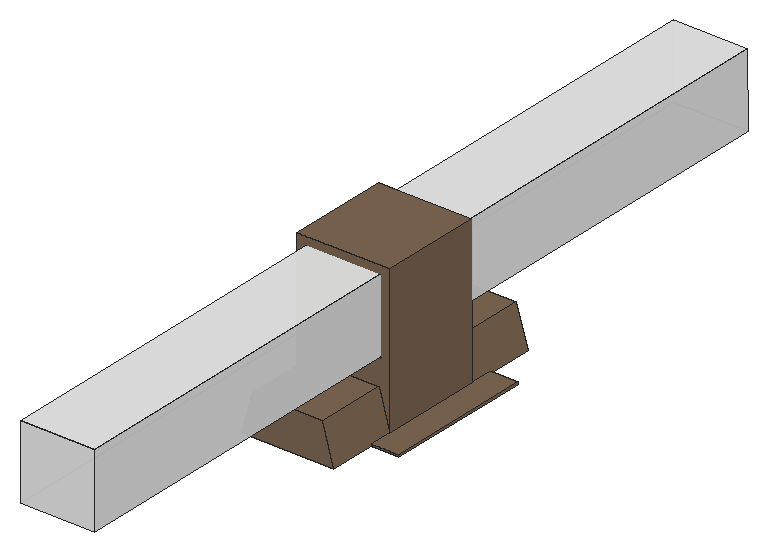
Revit family "Lighting_Fixture-Visa_Lighting-Sass", category Lighting Fixtures, host Face, Revit 2014
Parameters (values of type "Not a Type - Load Type Catalog")
  Width = 0' - 2 1/2"  # constant formula
  Wattage Comments = "13 W"  # constant formula
  Wattage = 12.9994 W
  Warranty = "http://www.visalighting.com/visa-lighting-warranty"
  built-in parameter 1150110 = 1 (stored number, unit not read)
  Voltage = 120 V
  Version = "2014 – v1.0a"  # constant formula
  URL = "http://www.visalighting.com"
  built-in parameter 1114217 = 1 (stored number, unit not read)
  Tilt Angle = 180.00°  # constant formula
  built-in parameter 1150109 = 1 (stored number, unit not read)
  built-in parameter 1150134 = (empty or 0)
  built-in parameter 1150113 = 1 (stored number, unit not read)
  Square Diffuser = yes
  Round Diffuser = not(Square Diffuser)  # no
  Product Page URL = "http://www.visalighting.com/products/sass"
  Product Name = "Sass Wall Mount"  # constant formula
  Product Documentation Link = "http://www.visalighting.com/sites/default/files/OW2400%20Sass_SPEC.pdf"
  Power Factor = 1  # constant formula
  Photometric Web File = "OW2400-L35K.ies"
  Phase = 1
  Number of Poles = 1
  Number of Lamps = 1  # constant formula
  Model = "OW2400-L30K-MVOLT"
  Material = ""
  Manufacturer Phone Number = "(414)-354-6600"  # constant formula
  Manufacturer Email = ""
  Manufacturer Address = "1717 W. Civic Drive, Milwaukee, WI 53209"  # constant formula
  Manufacturer = "Visa Lighting"  # constant formula
  built-in parameter 1150105 = 32.627 (stored number, unit not read)
  Lumens = 410 lm
  built-in parameter 1150115 = 1 (stored number, unit not read)
  built-in parameter 1150137 = (empty or 0)
  built-in parameter 1150139 = (empty or 0)
  built-in parameter 1150112 = 1 (stored number, unit not read)
  built-in parameter 1150114 = 1 (stored number, unit not read)
  Lamp = "L30K"
  Junction Box Cover = yes
  Installation and Service URL = "http://www.visalighting.com/sites/default/files/762024XX.pdf"
  built-in parameter 1150132 = 2
  built-in parameter 1150102 = (empty or 0)
  built-in parameter 1150107 = 3000 (stored number, unit not read)
  built-in parameter 1150138 = (empty or 0)
  built-in parameter 1150106 = 0.32627 (stored number, unit not read)
  Height = 1' - 10"  # constant formula
  Glazing Material = Diffuser - VISA - Matte White
  Frequency = 60 Hz  # constant formula
  Finish [instance] = Painted - VISA - Bronze (BRNZ)
  built-in parameter 1150104 = 2.9302 (stored number, unit not read)
  Dimming Lamp Color Temperature Shift = (empty or 0)
  Description = "22\" Rectilinear Diffuser"
  Depth = 0' - 4"  # constant formula
  Default Elevation = 4' - 0"
  Copyright = "© 2017. All rights reserved. Visa Lighting."  # constant formula
  Color Filter = 16777215
  built-in parameter 1114218 = 1 (stored number, unit not read)
  built-in parameter 1150133 = 10 (stored number, unit not read)
  Assembly Code = "D5020200"
  Apparent Load = 0 VA
Values of the unnamed type that differ from the named types
  Dimming Lamp Color Temperature Shift = <None>
Reference planes (in)
  plane 1 "Center (Front/Back)": y = 0
  plane 2: z = 0
  plane 3 "Center (Left/Right)": x = 0
  plane 4 "Left": x = -1.25
  plane 5 "Right": x = 1.25
  plane 6 "Front": y = -11
  plane 7 "Back": y = 11
  plane 8 "Bottom": z = 4
  plane 9: y = 3.25
  plane 10: y = -3.25
  plane 11: x = -0.95312
  plane 12: x = 0.95313
  plane 13: z = 1.0625
  plane 14: y = 2.35937
  plane 15: y = -2.35938
  plane 16: z = 2.78125
  plane 17: z = 1.78125
  plane 18: y = 1.375
  plane 19: y = -1.375
  plane 20: y = 1.375
  plane 21: y = -1.375
Forms (in)
  Blend 1, solid, material "Painted - VISA - Bronze (BRNZ)" <- "Finish"
    base sketch origin (0, 0, 0) x (1, 0, 0) y (0, 1, 0)
      loop
        line (-1.25, 3.25) -> (-1.25, -3.25) -> (1.25, -3.25) -> (1.25, 3.25) -> (-1.25, 3.25)
    top sketch origin (0, 0, 0) x (1, 0, 0) y (0, 1, 0)
      loop
        line (-0.95312, 3.25) -> (-0.95312, -3.25) -> (0.95313, -3.25) -> (0.95313, 3.25) -> (-0.95312, 3.25)
    from 0 to 1.0625
  Extrusion 2, solid, material "Painted - VISA - Bronze (BRNZ)" <- "Finish", visible <- "Round Diffuser"
    sketch origin (0, 0, 0) x (0, 1, 0) y (0, 0, 1)
      loop
        arc (2.35937, 0) -> (1.63747, 0.76367) -> (1.375, 1.78125) r 2.10379
        line (1.375, 1.78125) -> (1.375, 2.78125) -> (-1.375, 2.78125) -> (-1.375, 1.78125)
        arc (-1.375, 1.78125) -> (-1.63747, 0.76367) -> (-2.35938, 0) r 2.10379
        line (-2.35938, 0) -> (2.35937, 0)
    from -1.25 to 1.25
  Extrusion 3, solid, material "Painted - VISA - Bronze (BRNZ)" <- "Finish", visible <- "Round Diffuser"
    sketch origin (0, 0, 0) x (1, 0, 0) y (0, 0, 1)
      loop
        circle (0, 2.78125) r 1.25
      loop
        circle (0, 2.78125) r 1
    from -1.375 to 1.375
  Extrusion 4, void
    sketch origin (0, 0, 0) x (1, 0, 0) y (0, 0, 1)
      loop
        arc (-1, 2.78125) -> (0, 1.78125) -> (1, 2.78125) r 1
        line (1, 2.78125) -> (-1, 2.78125)
    from -1.375 to 1.375
  Extrusion 5, solid, material "Painted - VISA - Bronze (BRNZ)" <- "Finish", visible <- "Square Diffuser"
    sketch origin (0, 0, 0) x (1, 0, 0) y (0, 0, 1)
      loop
        line (-1.25, 4) -> (-1.25, 0) -> (1.25, 0) -> (1.25, 4) -> (-1.25, 4)
      loop
        line (-1, 3.78125) -> (-1, 1.78125) -> (1, 1.78125) -> (1, 3.78125) -> (-1, 3.78125)
    from -1.375 to 1.375
  Extrusion 6, solid, material "Diffuser - VISA - Matte White" <- "Glazing Material", visible <- "Round Diffuser"
    sketch origin (0, 0, 0) x (1, 0, 0) y (0, 0, 1)
      loop
        circle (0, 2.78125) r 1
    from -11 to 11
  Extrusion 7, solid, material "Diffuser - VISA - Matte White" <- "Glazing Material", visible <- "Square Diffuser"
    sketch origin (0, 0, 0) x (1, 0, 0) y (0, 0, 1)
      loop
        line (-1, 3.78125) -> (-1, 1.78125) -> (1, 1.78125) -> (1, 3.78125) -> (-1, 3.78125)
    from -11 to 11
  Extrusion 8, solid, material "Painted - VISA - Bronze (BRNZ)" <- "Finish", visible <- "Junction Box Cover"
    sketch origin (0, 0, 0) x (1, 0, 0) y (0, 1, 0)
      loop
        line (-2, -2) -> (2, -2) -> (2, 2) -> (-2, 2) -> (-2, -2)
    from 0 to 0.0625
Cuts and joins
  Extrusion 4 cuts Extrusion 2
  Extrusion 4 cuts Extrusion 3
  joined: Extrusion 2, Extrusion 3
Lines and regions (in)
  Masking region 1, visible <- "Square Diffuser"
    outline origin (0, 0, 0) x (1, 0, 0) y (0, 0, 1)
      loop
        line (1.25, 4) -> (-1.25, 4) -> (-1.25, 0) -> (1.25, 0) -> (1.25, 4)
  Masking region 2, visible <- "Round Diffuser"
    outline origin (0, 0, 0) x (1, 0, 0) y (0, 0, 1)
      loop
        line (1.25, 0) -> (1.25, 2.78125)
        arc (1.25, 2.78125) -> (0, 4.03125) -> (-1.25, 2.78125) r 1.25
        line (-1.25, 2.78125) -> (-1.25, 0) -> (1.25, 0)
  Masking region 3, visible <- "Junction Box Cover", detail levels medium+fine
    outline origin (0, 0, 0) x (1, 0, 0) y (0, 0, 1)
      loop
        line (2, 0.0625) -> (1.25, 0.0625) -> (1.25, 0) -> (2, 0) -> (2, 0.0625)
      loop
        line (-2, 0.0625) -> (-2, 0) -> (-1.25, 0) -> (-1.25, 0.0625) -> (-2, 0.0625)
  symbolic lines, detail levels medium+fine
    curve 1: line (1.25, 0, 0) -> (0.95313, 0, 1.0625)
    curve 2: line (0.95313, 0, 1.0625) -> (-0.95312, 0, 1.0625)
    curve 3: line (-0.95312, 0, 1.0625) -> (-1.25, 0, 0)
  symbolic lines, visible <- "Square Diffuser", detail levels fine
    curve 4: line (1, 0, 1.78125) -> (-1, 0, 1.78125)
    curve 5: line (1, 0, 3.78125) -> (1, 0, 1.78125)
    curve 6: line (-1, 0, 3.78125) -> (1, 0, 3.78125)
    curve 7: line (-1, 0, 1.78125) -> (-1, 0, 3.78125)
  symbolic lines, visible <- "Round Diffuser", detail levels fine
    curve 8: circle (0, 0, 2.78125) r 1 normal (0, -1, 0)
Dimensions and locks (in)
  equal spacing: plane 4 "Left", plane 3 "Center (Left/Right)", plane 5 "Right"
  equal spacing: plane 6 "Front", plane 1 "Center (Front/Back)", plane 7 "Back"
  "Height": plane 6 "Front" to plane 7 "Back"
  "Width": plane 4 "Left" to plane 5 "Right"
  "Depth": plane 8 "Bottom" to plane 2
  equal spacing: plane 9, plane 1 "Center (Front/Back)", plane 10
  locked: plane 9 to plane 10 at 6.5
  equal spacing: plane 11, plane 3 "Center (Left/Right)", plane 12
  locked: plane 11 to plane 12 at 1.90625
  locked: plane 13 to plane 2 at 1.0625
  locked: plane 14 to plane 15 at 4.71875
  equal spacing: plane 14, plane 1 "Center (Front/Back)", plane 15
  locked: plane 16 to plane 2 at 2.78125
  plane 16 to plane 17 = 0' - 1"
  equal spacing: plane 18, plane 1 "Center (Front/Back)", plane 19
  locked: plane 18 to plane 19 at 2.75
  locked: plane 15 to Extrusion 2 sketch curve at 1.11942
  locked: Extrusion 2 sketch curve to plane 14 at 1.11942
  locked: Extrusion 3 sketch curve to host face at 2.78125
  locked: Extrusion 3 sketch curve to plane 2 at 2.78125
  locked: Extrusion 4 sketch curve to plane 13 at 1.71875
  locked: cut or joined group of Extrusion 2, Extrusion 3, Extrusion 4 to plane 2 at 2.78125
  locked: Extrusion 5 sketch curve to Extrusion 5 sketch curve at 0.25  (x2)
  locked: Extrusion 5 sketch curve to Extrusion 5 sketch curve at 0.21875
  locked: Extrusion 5 sketch curve to Extrusion 5 sketch curve at 2
  equal spacing: plane 20, plane 1 "Center (Front/Back)", plane 21
  locked: plane 20 to plane 21 at 2.75
  locked: plane 8 "Bottom" to imposter light at 1.21875
  Extrusion 8 sketch curve to plane 3 "Center (Left/Right)" to Extrusion 8 sketch curve = 0' - 2" locked, 0' - 2" locked
  Extrusion 8 sketch curve to plane 1 "Center (Front/Back)" to Extrusion 8 sketch curve = 0' - 2" locked, 0' - 2" locked
  locked: plane 2 to Extrusion 8 at 0.0625
  aligned and locked: plane 2 to host face
  aligned and locked: level to host face
  aligned and locked: plane 4 "Left" to Blend 1 sketch curve
  aligned and locked: plane 5 "Right" to Blend 1 sketch curve
  aligned and locked: Blend 1 sketch curve to plane 9  (x2)
  aligned and locked: plane 10 to Blend 1 sketch curve  (x2)
  aligned and locked: plane 11 to Blend 1 sketch curve
  aligned and locked: Blend 1 sketch curve to plane 12
  aligned and locked: plane 13 to Blend 1
  aligned and locked: plane 16 to Extrusion 2 sketch curve
  aligned and locked: Extrusion 2 sketch curve to plane 19
  aligned and locked: Extrusion 2 sketch curve to plane 18
  aligned and locked: Extrusion 2 sketch curve to plane 2
  aligned and locked: plane 17 to Extrusion 2 sketch curve  (x2)
  aligned and locked: Extrusion 2 to plane 4 "Left"
  aligned and locked: Extrusion 2 to plane 5 "Right"
  aligned and locked: plane 3 "Center (Left/Right)" to Extrusion 3 sketch curve  (x2)
  aligned and locked: Extrusion 3 to Extrusion 2  (x2)
  aligned and locked: plane 3 "Center (Left/Right)" to Extrusion 4 sketch curve
  aligned and locked: Extrusion 2 to Extrusion 4
  aligned and locked: plane 4 "Left" to Extrusion 5 sketch curve
  aligned and locked: plane 2 to Extrusion 5 sketch curve
  aligned and locked: plane 5 "Right" to Extrusion 5 sketch curve
  aligned and locked: Extrusion 5 sketch curve to plane 8 "Bottom"
  aligned and locked: plane 20 to Extrusion 5
  aligned and locked: Extrusion 5 to plane 21
  aligned and locked: plane 20 to cut or joined group of Extrusion 2, Extrusion 3, Extrusion 4
  aligned and locked: cut or joined group of Extrusion 2, Extrusion 3, Extrusion 4 to plane 21
  aligned and locked: plane 21 to Extrusion 5  (x2)
  aligned and locked: Extrusion 5 to plane 20  (x6)
  aligned and locked: Extrusion 6 sketch curve to cut or joined group of Extrusion 2, Extrusion 3, Extrusion 4  (x2)
  aligned and locked: Extrusion 6 to plane 7 "Back"
  aligned and locked: Extrusion 6 to plane 6 "Front"
  aligned and locked: Extrusion 7 sketch curve to Extrusion 5  (x4)
  aligned and locked: Extrusion 7 to plane 7 "Back"
  aligned and locked: Extrusion 7 to plane 6 "Front"
  aligned and locked: plane 3 "Center (Left/Right)" to imposter light
  aligned and locked: imposter light to plane 1 "Center (Front/Back)"
  aligned and locked: Masking region 1 sketch curve to plane 8 "Bottom"
  aligned and locked: plane 4 "Left" to Masking region 1 sketch curve
  aligned and locked: plane 5 "Right" to Masking region 1 sketch curve
  aligned and locked: plane 2 to Masking region 1 sketch curve
  aligned and locked: curve 1 to Blend 1
  aligned and locked: curve 3 to Blend 1
  aligned and locked: curve 2 to plane 13
  aligned and locked: plane 5 "Right" to curve 1
  aligned and locked: plane 4 "Left" to curve 3
  aligned and locked: curve 4 to Extrusion 5
  aligned and locked: curve 5 to Extrusion 5
  aligned and locked: curve 6 to Extrusion 5
  aligned and locked: curve 7 to Extrusion 5
  aligned and locked: Masking region 2 sketch curve to cut or joined group of Extrusion 2, Extrusion 3, Extrusion 4
  aligned and locked: Masking region 2 sketch curve to plane 2
  aligned and locked: curve 8 to Extrusion 6  (x2)
  aligned and locked: Extrusion 8 to plane 2
  aligned and locked: Masking region 3 sketch curve to Extrusion 8  (x4)
  aligned and locked: Blend 1 to Masking region 3 sketch curve
  aligned and locked: Masking region 3 sketch curve to Masking region 1
  aligned and locked: Masking region 3 sketch curve to Blend 1
  aligned and locked: Extrusion 5 to Masking region 3 sketch curve
Automatic sketch dimensions
  host sketch curve to host sketch curve = 8' - 0"  (x2)
  Extrusion 4 sketch curve to plane 11 = 0' - 0 3/64"
  radius of Extrusion 3 sketch curve = 0' - 1 1/4"
  radius of Extrusion 3 sketch curve = 0' - 1"
Connectors (in)
  electrical at (0, 0, 0), driven by "Power Factor", driven by "Apparent Load", driven by "Voltage"
    settings: on Blend 1, index 1, voltage 120 V, apparent load 0 VA, apparent load phase1 0 VA, apparent load phase2 0 VA, apparent load phase3 0 VA, power factor 1, load classification "Lighting", number of poles 1, system type 31, power factor state 1, is connector primary yes, connector utility no, sub classification motor no, connector description "Electrical Connector"
Types in the file's own list only (24): name | Square Diffuser | Round Diffuser | Product Documentation Link | Photometric Web File | Model | Lamp | Junction Box Cover | Description
  OW2400-L30K-MVOLT | Yes | No | "http://www.visalighting.com/sites/default/files/OW2400%20Sass_SPEC.pdf" | "OW2400-L35K.ies" | "OW2400-L30K-MVOLT" | "L30K" | No | "22\" Rectilinear Diffuser"
  OW2400-L30K-MVOLT-RMB | Yes | No | "http://www.visalighting.com/sites/default/files/OW2400%20Sass_SPEC.pdf" | "OW2400-L35K.ies" | "OW2400-L30K-MVOLT-RMB" | "L30K" | No | "22\" Rectilinear Diffuser"
  OW2400-L30K-MVOLT-JBC | Yes | No | "http://www.visalighting.com/sites/default/files/OW2400%20Sass_SPEC.pdf" | "OW2400-L35K.ies" | "OW2400-L30K-MVOLT-JBC" | "L30K" | Yes | "22\" Rectilinear Diffuser"
  OW2400-L30K-MVOLT-JBC-RMB | Yes | No | "http://www.visalighting.com/sites/default/files/OW2400%20Sass_SPEC.pdf" | "OW2400-L35K.ies" | "OW2400-L30K-MVOLT-JBC-RMB" | "L30K" | Yes | "22\" Rectilinear Diffuser"
  OW2400-L35K-MVOLT | Yes | No | "http://www.visalighting.com/sites/default/files/OW2400%20Sass_SPEC.pdf" | "OW2400-L35K.ies" | "OW2400-L35K-MVOLT" | "L35K" | No | "22\" Rectilinear Diffuser"
  OW2400-L35K-MVOLT-RMB | Yes | No | "http://www.visalighting.com/sites/default/files/OW2400%20Sass_SPEC.pdf" | "OW2400-L35K.ies" | "OW2400-L35K-MVOLT-RMB" | "L35K" | No | "22\" Rectilinear Diffuser"
  OW2400-L35K-MVOLT-JBC | Yes | No | "http://www.visalighting.com/sites/default/files/OW2400%20Sass_SPEC.pdf" | "OW2400-L35K.ies" | "OW2400-L35K-MVOLT-JBC" | "L35K" | Yes | "22\" Rectilinear Diffuser"
  OW2400-L35K-MVOLT-JBC-RMB | Yes | No | "http://www.visalighting.com/sites/default/files/OW2400%20Sass_SPEC.pdf" | "OW2400-L35K.ies" | "OW2400-L35K-MVOLT-JBC-RMB" | "L35K" | Yes | "22\" Rectilinear Diffuser"
  OW2400-L40K-MVOLT | Yes | No | "http://www.visalighting.com/sites/default/files/OW2400%20Sass_SPEC.pdf" | "OW2400-L35K.ies" | "OW2400-L40K-MVOLT" | "L40K" | No | "22\" Rectilinear Diffuser"
  OW2400-L40K-MVOLT-RMB | Yes | No | "http://www.visalighting.com/sites/default/files/OW2400%20Sass_SPEC.pdf" | "OW2400-L35K.ies" | "OW2400-L40K-MVOLT-RMB" | "L40K" | No | "22\" Rectilinear Diffuser"
  OW2400-L40K-MVOLT-JBC | Yes | No | "http://www.visalighting.com/sites/default/files/OW2400%20Sass_SPEC.pdf" | "OW2400-L35K.ies" | "OW2400-L40K-MVOLT-JBC" | "L40K" | Yes | "22\" Rectilinear Diffuser"
  OW2400-L40K-MVOLT-JBC-RMB | Yes | No | "http://www.visalighting.com/sites/default/files/OW2400%20Sass_SPEC.pdf" | "OW2400-L35K.ies" | "OW2400-L40K-MVOLT-JBC-RMB" | "L40K" | Yes | "22\" Rectilinear Diffuser"
  OW2402-L30K-MVOLT | No | Yes | "http://www.visalighting.com/sites/default/files/OW2402%20Sass_SPEC.pdf" | "OW2402-L35K.ies" | "OW2402-L30K-MVOLT" | "L30K" | No | "22\" Cylindrical Diffuser"
  OW2402-L30K-MVOLT-RMB | No | Yes | "http://www.visalighting.com/sites/default/files/OW2402%20Sass_SPEC.pdf" | "OW2402-L35K.ies" | "OW2402-L30K-MVOLT-RMB" | "L30K" | No | "22\" Cylindrical Diffuser"
  OW2402-L30K-MVOLT-JBC | No | Yes | "http://www.visalighting.com/sites/default/files/OW2402%20Sass_SPEC.pdf" | "OW2402-L35K.ies" | "OW2402-L30K-MVOLT-JBC" | "L30K" | Yes | "22\" Cylindrical Diffuser"
  OW2402-L30K-MVOLT-JBC-RMB | No | Yes | "http://www.visalighting.com/sites/default/files/OW2402%20Sass_SPEC.pdf" | "OW2402-L35K.ies" | "OW2402-L30K-MVOLT-JBC-RMB" | "L30K" | Yes | "22\" Cylindrical Diffuser"
  OW2402-L35K-MVOLT | No | Yes | "http://www.visalighting.com/sites/default/files/OW2402%20Sass_SPEC.pdf" | "OW2402-L35K.ies" | "OW2402-L35K-MVOLT" | "L35K" | No | "22\" Cylindrical Diffuser"
  OW2402-L35K-MVOLT-RMB | No | Yes | "http://www.visalighting.com/sites/default/files/OW2402%20Sass_SPEC.pdf" | "OW2402-L35K.ies" | "OW2402-L35K-MVOLT-RMB" | "L35K" | No | "22\" Cylindrical Diffuser"
  OW2402-L35K-MVOLT-JBC | No | Yes | "http://www.visalighting.com/sites/default/files/OW2402%20Sass_SPEC.pdf" | "OW2402-L35K.ies" | "OW2402-L35K-MVOLT-JBC" | "L35K" | Yes | "22\" Cylindrical Diffuser"
  OW2402-L35K-MVOLT-JBC-RMB | No | Yes | "http://www.visalighting.com/sites/default/files/OW2402%20Sass_SPEC.pdf" | "OW2402-L35K.ies" | "OW2402-L35K-MVOLT-JBC-RMB" | "L35K" | Yes | "22\" Cylindrical Diffuser"
  OW2402-L40K-MVOLT | No | Yes | "http://www.visalighting.com/sites/default/files/OW2402%20Sass_SPEC.pdf" | "OW2402-L35K.ies" | "OW2402-L40K-MVOLT" | "L40K" | No | "22\" Cylindrical Diffuser"
  OW2402-L40K-MVOLT-RMB | No | Yes | "http://www.visalighting.com/sites/default/files/OW2402%20Sass_SPEC.pdf" | "OW2402-L35K.ies" | "OW2402-L40K-MVOLT-RMB" | "L40K" | No | "22\" Cylindrical Diffuser"
  OW2402-L40K-MVOLT-JBC | No | Yes | "http://www.visalighting.com/sites/default/files/OW2402%20Sass_SPEC.pdf" | "OW2402-L35K.ies" | "OW2402-L40K-MVOLT-JBC" | "L40K" | Yes | "22\" Cylindrical Diffuser"
  OW2402-L40K-MVOLT-JBC-RMB | No | Yes | "http://www.visalighting.com/sites/default/files/OW2402%20Sass_SPEC.pdf" | "OW2402-L35K.ies" | "OW2402-L40K-MVOLT-JBC-RMB" | "L40K" | Yes | "22\" Cylindrical Diffuser"
